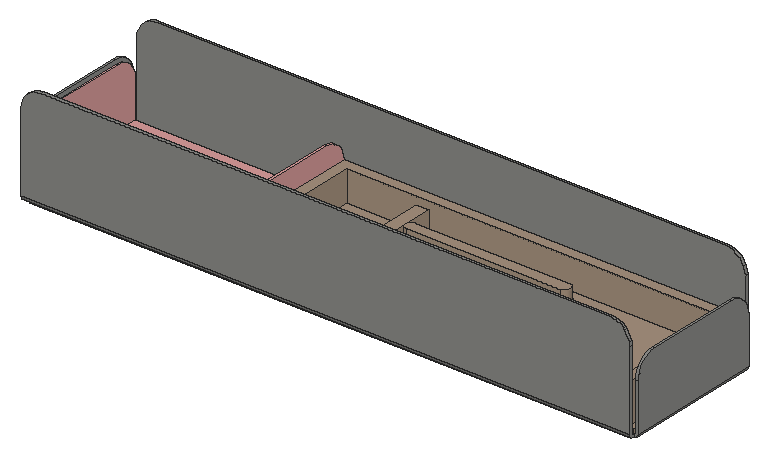
Revit family "Accessory-Teknion-EMOM-Organizers-R2016", category Furniture, Revit 2016
Family settings
  OmniClass Number = 23.40.20.00
  OmniClass Title = General Furniture and Specialties
  Work Plane-Based = Yes
  Always vertical = Yes
  Cut with Voids When Loaded = No
  Shared = Yes
  Room Calculation Point = No
Parameters (values of type "Small Tray Bundle")
  Width = 14.990"
  Warranty = "http://www.teknion.com/ca/papers/legal-canada"
  Unit Weight URL = "http://www.teknion.com/ca/tools/assets#&asset=bee6a381-b954-425e-8283-5a2de3a804f2,f828d448-4b62-4231-9e5f-9a8991c0ed77"
  URL = "www.teknion.com"
  Tray Finish [instance] = Paint - Teknion - Mica - Anthracite
  To render, please download texture images found here [instance] = "https://assets.teknion.com/web/5e81352c1dfdb467/revit-material-swatches/"
  Sustainability Data = "https://www.teknion.com/ca/tools/assets#&topic=216f99a5-57a0-44fc-b10a-9dee9b29ae4c&asset=444deb64-fe58-4b68-981e-f75e97781df7,b4ff2d81-9f2e-437d-9659-7cffb09c31cf"
  Small Tray Divider Offset = 0.000"
  Small Tray = yes
  Series = "Emote"
  ST = yes
  Product Page URL = "https://www.teknion.com/ca/products/product-details?productLineId=df54fb6e-8e7a-673b-a6c8-ff05004460c4"
  Product Line = "Emote"
  Product Documentation Link = "https://assets.teknion.com/m/e60fdd6154307a7/original/Emote-Sell-Sheet.pdf"
  Part Number = "EMOM"
  Model = "EMOMST"
  Mini Cabinet Tray = no
  Medium/Large Tray Height Offset = 0.039"
  Medium/Large Tray Divider = no
  Medium/Large Tray = no
  Medium Tray Feet = no
  Manufacturer Phone = "416-661-3370"  # constant formula
  Manufacturer Fax = "416.661.4586"  # constant formula
  Manufacturer Contact Information = "http://www.teknion.com/ca/contactus"
  Manufacturer Address = "1150 Flint Road, Toronto, ON. M3J 2J5. Canada"  # constant formula
  Manufacturer = "Teknion"  # constant formula
  MT = no
  M2 = no
  Large Tray Feet = no
  LT = no
  How To Use Teknion Materials User Guide [instance] = "https://assets.teknion.com/m/205dd0a49fa58060/original/How-to-add-a-Material-Library-and-Texture-Images-to-your-Revit-project.pdf"
  For Additional Finishes, please visit [instance] = "https://assets.teknion.com/m/44a8009b046e5d47/original/Teknion_Materials_Library.zip"
  Double Medium Tray = no
  Divider Finish [instance] = Paint - Teknion - CK - Chroma Metal - Blush
  Description = "Emote Organizers, Small Tray Bundle"
  Depth = 3.565"
  Default Elevation = 48.000"
  Cork Organizer Width Offset = 5.201"
  Cork Organizer Height Offset = 0.217"
  Cork Organizer = yes
  Cork Organizer Depth Offset = 0.125"
  CT = no
  CO = no
  Assembly Code = "E2020200"
Reference planes (in)
  plane 1 "Center Front/Back": y = 0
  plane 2: z = 0
  plane 3 "Center Left/Right": x = 0
  plane 4 "Left": x = -7.495
  plane 5 "Right": x = 7.495
  plane 6 "Back": y = 1.7825
  plane 7 "Front": y = -1.7825
  plane 8 "Top": z = 2.53937
  plane 9 "Cork Organizer Depth Offset": y = 1.6575
  plane 10 "Cork Organizer Width Offset": x = -2.294
  plane 11 "Cork Organizer Height Offset": z = 0.217
  plane 12: z = 0.29574
  plane 13: z = 0.49259
  plane 14: z = 1.029
  plane 15: z = 1.217
  plane 16: z = 1.516
  plane 17 "Small Tray Left": x = -7.435
  plane 18 "Small Tray Right": x = 7.435
  plane 19 "Small Tray Bottom": y = -1.7225
  plane 20 "Small Tray Top": y = 1.7225
  plane 21 "Small Tray Divider Offset": x = -7.435
  plane 22: y = 7
  plane 23: y = -7
  plane 24: x = -8
  plane 25: x = 8
  plane 26 "Medium/Large Tray Offset": z = 0.039
Forms (in)
  Sweep 1, solid, material "Wood - Teknion - Cork", visible <- "Cork Organizer"
    path origin (0, 0, 0) x (1, 0, 0) y (0, 0, 1)
      loop
        line (0, 0.217) -> (0, 0.29574)
    profile origin (0, 0, 0.25637) x (-1, 0, 0) y (0, -1, 0)
      loop
        line (-7.0732, -1.5325) -> (2.0312, -1.5325)
        arc (2.0312, -1.5325) -> (2.12864, -1.49214) -> (2.169, -1.3947) r 0.1378
        line (2.169, -1.3947) -> (2.169, 1.3947)
        arc (2.169, 1.3947) -> (2.12864, 1.49214) -> (2.0312, 1.5325) r 0.1378
        line (2.0312, 1.5325) -> (-7.0732, 1.5325)
        arc (-7.0732, 1.5325) -> (-7.17064, 1.49214) -> (-7.211, 1.3947) r 0.1378
        line (-7.211, 1.3947) -> (-7.211, -1.3947)
        arc (-7.211, -1.3947) -> (-7.17064, -1.49214) -> (-7.0732, -1.5325) r 0.1378
  SweptBlend 2, solid, material "Wood - Teknion - Cork", visible <- "Cork Organizer"
    path origin (0, 0, 0) x (1, 0, 0) y (0, 0, 1)
      loop
        line (0, 0.29574) -> (0, 1.217)
    profile origin (0, 0, 0.29574) x (-1, 0, 0) y (0, -1, 0)
      loop
        line (-7.336, -1.6575) -> (2.294, -1.6575) -> (2.294, 1.6575) -> (-7.336, 1.6575) -> (-7.336, -1.6575)
    end profile origin (0, 0, 1.217) x (-1, 0, 0) y (0, -1, 0)
      loop
        line (2.27792, -1.64142) -> (2.27792, 1.64142) -> (-7.31992, 1.64142) -> (-7.31992, -1.64142) -> (2.27792, -1.64142)
  SweptBlend 3, void
    path origin (0, 0, 0) x (1, 0, 0) y (0, 0, 1)
      loop
        line (0, 0.49259) -> (0, 1.217)
    profile origin (0, 0, 0.49259) x (-1, 0, 0) y (0, -1, 0)
      loop
        line (1.99311, -1.35661) -> (1.99311, 1.35661) -> (-7.03511, 1.35661) -> (-7.03511, -1.35661) -> (1.99311, -1.35661)
    end profile origin (0, 0, 1.217) x (-1, 0, 0) y (0, -1, 0)
      loop
        line (2.01841, -1.38191) -> (2.01841, 1.38191) -> (-7.06041, 1.38191) -> (-7.06041, -1.38191) -> (2.01841, -1.38191)
  SweptBlend 4, solid, material "Wood - Teknion - Cork", visible <- "Cork Organizer"
    path origin (0, 0, 0) x (1, 0, 0) y (0, 0, 1)
      loop
        line (0, 0.49259) -> (0, 1.029)
    profile origin (0, 0, 0.49259) x (-1, 0, 0) y (0, -1, 0)
      loop
        line (-2.18775, -0.17353) -> (0.00771, -0.17353) -> (0.00771, -1.35661) -> (0.3339, -1.35661) -> (0.3339, 1.35661) -> (0.00771, 1.35661) -> (0.00771, 0.17353) -> (-2.18775, 0.17353) -> (-2.18775, -0.17353)
    end profile origin (0, 0, 1.029) x (-1, 0, 0) y (0, -1, 0)
      loop
        line (0.31517, -1.37534) -> (0.31517, 1.38191) -> (0.02644, 1.38191) -> (0.02644, 0.1548) -> (-2.18775, 0.1548) -> (-2.18775, -0.1548) -> (0.02644, -0.1548) -> (0.02644, -1.37534) -> (0.31517, -1.37534)
  SweptBlend 5, solid, material "Wood - Teknion - Cork", visible <- "Cork Organizer"
    path origin (0, 0, 0) x (1, 0, 0) y (0, 0, 1)
      loop
        line (0, 0.49259) -> (0, 1.516)
    profile origin (0, 0, 0.49259) x (-1, 0, 0) y (0, -1, 0)
      loop
        arc (-0.6588, -0.17353) -> (-0.48526, 0) -> (-0.6588, 0.17353) r 0.17353
        line (-0.6588, 0.17353) -> (-4.3832, 0.17353)
        arc (-4.3832, 0.17353) -> (-4.55674, 0) -> (-4.3832, -0.17353) r 0.17353
        line (-4.3832, -0.17353) -> (-0.6588, -0.17353)
    end profile origin (0, 0, 1.516) x (-1, 0, 0) y (0, -1, 0)
      loop
        line (-4.3832, -0.1378) -> (-0.6588, -0.1378)
        arc (-0.6588, -0.1378) -> (-0.521, 0) -> (-0.6588, 0.1378) r 0.1378
        line (-0.6588, 0.1378) -> (-4.3832, 0.1378)
        arc (-4.3832, 0.1378) -> (-4.521, 0) -> (-4.3832, -0.1378) r 0.1378
  Sweep 6, solid, material "Paint - Teknion - Mica - Anthracite" <- "Tray Finish", visible <- "Small Tray"
    path origin (0, 0, 0) x (1, 0, 0) y (0, 1, 0)
      loop
        line (0, 1.69125) -> (0, -1.69125)
    profile origin (0, 0, 0) x (1, 0, 0) y (0, 0, 1)
      loop
        line (-7.435, 1.78937) -> (-7.495, 1.78937) -> (-7.495, 0.13062)
        arc (-7.495, 0.13062) -> (-7.46827, 0.0661) -> (-7.40375, 0.03937) r 0.09125
        line (-7.40375, 0.03937) -> (7.40375, 0.03937)
        arc (7.40375, 0.03937) -> (7.46827, 0.0661) -> (7.495, 0.13062) r 0.09125
        line (7.495, 0.13062) -> (7.495, 1.78937) -> (7.435, 1.78937) -> (7.435, 0.09937) -> (-7.435, 0.09937) -> (-7.435, 1.78937)
  Sweep 7, solid, material "Paint - Teknion - Mica - Anthracite" <- "Tray Finish", visible <- "Small Tray"
    path origin (0, 0, 0) x (1, 0, 0) y (0, 1, 0)
      loop
        line (-7.40375, 0) -> (7.40375, 0)
    profile origin (0, 0, 0) x (0, 1, 0) y (0, 0, 1)
      loop
        line (1.7825, 2.53937) -> (1.7225, 2.53937) -> (1.7225, 0.09937) -> (-1.7225, 0.09937) -> (-1.7225, 2.53937) -> (-1.7825, 2.53937) -> (-1.7825, 0.13062)
        arc (-1.7825, 0.13062) -> (-1.75577, 0.0661) -> (-1.69125, 0.03937) r 0.09125
        line (-1.69125, 0.03937) -> (1.69125, 0.03937)
        arc (1.69125, 0.03937) -> (1.75577, 0.0661) -> (1.7825, 0.13062) r 0.09125
        line (1.7825, 0.13062) -> (1.7825, 2.53937)
  Sweep 8, void
    path origin (0, 0, 0) x (1, 0, 0) y (0, 1, 0)
      loop
        line (0, 1.7825) -> (0, -1.7825)
    profile origin (0, 0, 0) x (1, 0, 0) y (0, 0, 1)
      loop
        arc (-7.37843, 2.03937) -> (-7.23198, 2.39292) -> (-6.87843, 2.53937) r 0.5
        line (-6.87843, 2.53937) -> (-7.495, 2.53937) -> (-7.495, 0) -> (-7.37843, 0) -> (-7.37843, 2.03937)
      loop
        line (7.37843, 2.03937) -> (7.37843, 0) -> (7.495, 0) -> (7.495, 2.53937) -> (6.87843, 2.53937)
        arc (6.87843, 2.53937) -> (7.23198, 2.39292) -> (7.37843, 2.03937) r 0.5
  Sweep 9, void
    path origin (0, 0, 0) x (1, 0, 0) y (0, 1, 0)
      loop
        line (-10, -1.7225) -> (10, -1.7225)
    profile origin (0, -1.7225, 0) x (0, 1, 0) y (0, 0, 1)
      loop
        line (3.38843, 0) -> (3.445, 0) -> (3.445, 2.03937) -> (0, 2.03937) -> (0, 0) -> (0.05657, 0) -> (0.05657, 1.28937)
        arc (0.05657, 1.28937) -> (0.20302, 1.64292) -> (0.55657, 1.78937) r 0.5
        line (0.55657, 1.78937) -> (2.88843, 1.78937)
        arc (2.88843, 1.78937) -> (3.24198, 1.64292) -> (3.38843, 1.28937) r 0.5
        line (3.38843, 1.28937) -> (3.38843, 0)
  Sweep 10, solid, material "Wood - Teknion - Cork", visible <- "Small Tray"
    path origin (0, 0, 0) x (1, 0, 0) y (0, 0, 1)
      loop
        line (0, 0.09937) -> (0, 0.217)
    profile origin (0, 0, 0.15819) x (-1, 0, 0) y (0, -1, 0)
      loop
        line (7.385, -1.675) -> (7.385, 1.675) -> (-7.385, 1.675) -> (-7.385, -1.675) -> (7.385, -1.675)
  Sweep 11, solid, material "Paint - Teknion - Mica - Anthracite" <- "Tray Finish", visible <- "Small Tray"
    path origin (0, 0, 0) x (1, 0, 0) y (0, 0, 1)
      loop
        line (0, 0) -> (0, 0.03937)
    profile origin (0, 0, 0.01969) x (-1, 0, 0) y (0, -1, 0)
      loop
        line (7.25, -1.69125) -> (7.25, -0.94125) -> (-7.25, -0.94125) -> (-7.25, -1.69125) -> (7.25, -1.69125)
      loop
        line (7.25, 0.94125) -> (7.25, 1.69125) -> (-7.25, 1.69125) -> (-7.25, 0.94125) -> (7.25, 0.94125)
  Sweep 12, solid, material "Paint - Teknion - CK - Chroma Metal - Blush" <- "Divider Finish", visible <- "Small Tray"
    path origin (0, 0, 0) x (1, 0, 0) y (0, 1, 0)
      loop
        line (-7.435, -1.6575) -> (-7.435, 1.6575)
    profile origin (-7.435, 0, 0) x (-1, 0, 0) y (0, 0, 1)
      loop
        line (0, 1.7032) -> (-0.0602, 1.7032) -> (-0.0602, 0.277) -> (-5.055, 0.277) -> (-5.055, 1.7032) -> (-5.115, 1.7032) -> (-5.115, 0.30825)
        arc (-5.115, 0.30825) -> (-5.08827, 0.24373) -> (-5.02375, 0.217) r 0.09125
        line (-5.02375, 0.217) -> (-0.09125, 0.217)
        arc (-0.09125, 0.217) -> (-0.02673, 0.24373) -> (0, 0.30825) r 0.09125
        line (0, 0.30825) -> (0, 1.7032)
  Sweep 13, solid, material "Paint - Teknion - Mica - Anthracite" <- "Tray Finish", visible <- "Mini Cabinet Tray"
    path origin (0, 0, 0) x (1, 0, 0) y (0, 1, 0)
      loop
        line (0, -3.06375) -> (0, 6.62875)
    profile origin (0, 1.7825, 0) x (-1, 0, 0) y (0, 0, 1)
      loop
        line (7.495, 1.78937) -> (7.435, 1.78937) -> (7.435, 0.09937) -> (-7.435, 0.09937) -> (-7.435, 1.78937) -> (-7.495, 1.78937) -> (-7.495, 0.13062)
        arc (-7.495, 0.13062) -> (-7.46827, 0.0661) -> (-7.40375, 0.03937) r 0.09125
        line (-7.40375, 0.03937) -> (7.40375, 0.03937)
        arc (7.40375, 0.03937) -> (7.46827, 0.0661) -> (7.495, 0.13062) r 0.09125
        line (7.495, 0.13062) -> (7.495, 1.78937)
  Sweep 14, solid, material "Paint - Teknion - Mica - Anthracite" <- "Tray Finish", visible <- "Mini Cabinet Tray"
    path origin (0, 0, 0) x (1, 0, 0) y (0, 1, 0)
      loop
        line (7.40375, 0) -> (-7.40375, 0)
    profile origin (0, 0, 0) x (0, -1, 0) y (0, 0, 1)
      loop
        line (3.155, 2.53937) -> (3.095, 2.53937) -> (3.095, 0.09937) -> (-6.66, 0.09937) -> (-6.66, 2.53937) -> (-6.72, 2.53937) -> (-6.72, 0.13062)
        arc (-6.72, 0.13062) -> (-6.69327, 0.0661) -> (-6.62875, 0.03937) r 0.09125
        line (-6.62875, 0.03937) -> (3.06375, 0.03937)
        arc (3.06375, 0.03937) -> (3.12827, 0.0661) -> (3.155, 0.13062) r 0.09125
        line (3.155, 0.13062) -> (3.155, 2.53937)
  Sweep 15, void
    path origin (0, 0, 0) x (1, 0, 0) y (0, 1, 0)
      loop
        line (0, -7) -> (0, 7)
    profile origin (0, 0, 0) x (-1, 0, 0) y (0, 0, 1)
      loop
        arc (6.87843, 2.53937) -> (7.23198, 2.39292) -> (7.37843, 2.03937) r 0.5
        line (7.37843, 2.03937) -> (7.37843, 0) -> (7.495, 0) -> (7.495, 3.21274) -> (-7.495, 3.21274) -> (-7.495, 0) -> (-7.37843, 0) -> (-7.37843, 2.03937)
        arc (-7.37843, 2.03937) -> (-7.23198, 2.39292) -> (-6.87843, 2.53937) r 0.5
        line (-6.87843, 2.53937) -> (6.87843, 2.53937)
  Sweep 16, void
    path origin (0, 0, 0) x (1, 0, 0) y (0, 1, 0)
      loop
        line (8, -1.7225) -> (-8, -1.7225)
    profile origin (0, -1.7225, 0) x (0, -1, 0) y (0, 0, 1)
      loop
        line (-2.88, 1.7032) -> (-0.565, 1.7032)
        arc (-0.565, 1.7032) -> (-0.21145, 1.55675) -> (-0.065, 1.2032) r 0.5
        line (-0.065, 1.2032) -> (-0.065, -0.00048) -> (0.185, -0.00048) -> (0.185, 2.49952) -> (-3.63, 2.49952) -> (-3.63, -0.00048) -> (-3.38, -0.00048) -> (-3.38, 1.2032)
        arc (-3.38, 1.2032) -> (-3.23355, 1.55675) -> (-2.88, 1.7032) r 0.5
  Sweep 17, void
    path origin (0, 0, 0) x (1, 0, 0) y (0, 1, 0)
      loop
        line (-8, 0) -> (8, 0)
    profile origin (0, 0, 0) x (0, 1, 0) y (0, 0, 1)
      loop
        arc (6.10343, 1.78937) -> (6.45698, 1.64292) -> (6.60343, 1.28937) r 0.5
        line (6.60343, 1.28937) -> (6.60343, 0) -> (6.85343, 0) -> (6.85343, 2) -> (-3.28843, 2) -> (-3.28843, 0) -> (-3.03843, 0) -> (-3.03843, 1.28937)
        arc (-3.03843, 1.28937) -> (-2.89198, 1.64292) -> (-2.53843, 1.78937) r 0.5
        line (-2.53843, 1.78937) -> (6.10343, 1.78937)
  Sweep 18, solid, material "Wood - Teknion - Cork", visible <- "Mini Cabinet Tray"
    path origin (0, 0, 0) x (1, 0, 0) y (0, 0, 1)
      loop
        line (0, 0.09937) -> (0, 0.217)
    profile origin (0, 0, 0.15819) x (-1, 0, 0) y (0, -1, 0)
      loop
        line (7.385, -6.6125) -> (7.385, 3.0475) -> (-7.385, 3.0475) -> (-7.385, -6.6125) -> (7.385, -6.6125)
  Sweep 19, solid, material "Paint - Teknion - CK - Chroma Metal - Blush" <- "Divider Finish", visible <- "Mini Cabinet Tray"
    path origin (0, 0, 0) x (1, 0, 0) y (0, 1, 0)
      loop
        line (0, -3.03255) -> (0, 6.59755)
    profile origin (0, 1.7825, 0) x (-1, 0, 0) y (0, 0, 1)
      loop
        arc (3.87, 0.30873) -> (3.89673, 0.24421) -> (3.96125, 0.21748) r 0.09125
        line (3.96125, 0.21748) -> (7.34375, 0.21748)
        arc (7.34375, 0.21748) -> (7.40827, 0.24421) -> (7.435, 0.30873) r 0.09125
        line (7.435, 0.30873) -> (7.435, 1.70368) -> (7.375, 1.70368) -> (7.375, 0.27748) -> (3.93, 0.27748) -> (3.93, 1.70368) -> (3.87, 1.70368) -> (3.87, 0.30873)
  Sweep 20, void
    path origin (0, 0, 0) x (1, 0, 0) y (0, 1, 0)
      loop
        line (-7.995, 0) -> (8.005, 0)
    profile origin (0.005, 0, 0) x (0, 1, 0) y (0, 0, 1)
      loop
        line (-2.53255, 1.70368) -> (6.09755, 1.70368)
        arc (6.09755, 1.70368) -> (6.4511, 1.55723) -> (6.59755, 1.20368) r 0.5
        line (6.59755, 1.20368) -> (6.59755, 0) -> (7, 0) -> (7, 2) -> (-3.43455, 2) -> (-3.43455, 0) -> (-3.03255, 0) -> (-3.03255, 1.20368)
        arc (-3.03255, 1.20368) -> (-2.8861, 1.55723) -> (-2.53255, 1.70368) r 0.5
  Sweep 21, solid, material "Paint - Teknion - Mica - Anthracite" <- "Tray Finish", visible <- "Mini Cabinet Tray"
    path origin (0, 0, 0) x (1, 0, 0) y (0, 0, 1)
      loop
        line (0, 0) -> (0, 0.03937)
    profile origin (0, 0, 0.01969) x (-1, 0, 0) y (0, -1, 0)
      loop
        line (7.25, -6.62875) -> (7.25, -5.87875) -> (-7.25, -5.87875) -> (-7.25, -6.62875) -> (7.25, -6.62875)
      loop
        line (7.25, 2.31375) -> (7.25, 3.06375) -> (-7.25, 3.06375) -> (-7.25, 2.31375) -> (7.25, 2.31375)
  Sweep 22, solid, material "Paint - Teknion - Mica - Anthracite" <- "Tray Finish", visible <- "Medium/Large Tray"
    path origin (0, 0, 0) x (1, 0, 0) y (0, 1, 0)
      loop
        line (0, 1.7225) -> (0, -1.69125)
    profile origin (0, 0.01562, 0) x (1, 0, 0) y (0, 0, 1)
      loop
        line (-7.495, 2.53937) -> (-7.495, 0.13062)
        arc (-7.495, 0.13062) -> (-7.46827, 0.0661) -> (-7.40375, 0.03937) r 0.09125
        line (-7.40375, 0.03937) -> (2.28875, 0.03937)
        arc (2.28875, 0.03937) -> (2.35327, 0.0661) -> (2.38, 0.13062) r 0.09125
        line (2.38, 0.13062) -> (2.38, 2.53937) -> (2.32, 2.53937) -> (2.32, 0.09937) -> (-7.435, 0.09937) -> (-7.435, 2.53937) -> (-7.495, 2.53937)
  Sweep 23, void
    path origin (0, 0, 0.039) x (-1, 0, 0) y (0, -1, 0)
      loop
        line (7.9325, 0) -> (-2.8175, 0)
    profile origin (-2.5575, 0, 0.039) x (0, 1, 0) y (0, 0, 1)
      loop
        arc (1.16593, 2.50037) -> (1.51948, 2.35392) -> (1.66593, 2.00037) r 0.5
        line (1.66593, 2.00037) -> (1.66593, -0.039) -> (1.7825, -0.039) -> (1.7825, 2.961) -> (-1.7825, 2.961) -> (-1.7825, -0.039) -> (-1.66593, -0.039) -> (-1.66593, 2.00037)
        arc (-1.66593, 2.00037) -> (-1.51948, 2.35392) -> (-1.16593, 2.50037) r 0.5
        line (-1.16593, 2.50037) -> (1.16593, 2.50037)
  Sweep 24, solid, material "Paint - Teknion - Mica - Anthracite" <- "Tray Finish", visible <- "Medium/Large Tray"
    path origin (0, 0, 0.039) x (-1, 0, 0) y (0, -1, 0)
      loop
        line (7.40375, 0) -> (-2.28875, 0)
    profile origin (-2.5575, 0, 0.039) x (0, 1, 0) y (0, 0, 1)
      loop
        line (-1.7825, 1.75037) -> (-1.7825, 0.09162)
        arc (-1.7825, 0.09162) -> (-1.75577, 0.0271) -> (-1.69125, 0.00037) r 0.09125
        line (-1.69125, 0.00037) -> (1.69125, 0.00037)
        arc (1.69125, 0.00037) -> (1.75577, 0.0271) -> (1.7825, 0.09162) r 0.09125
        line (1.7825, 0.09162) -> (1.7825, 1.75037) -> (1.7225, 1.75037) -> (1.7225, 0.06037) -> (-1.7225, 0.06037) -> (-1.7225, 1.75037) -> (-1.7825, 1.75037)
  Sweep 25, void
    path origin (0, 0, 0.039) x (-1, 0, 0) y (0, -1, 0)
      loop
        line (0, -1.7825) -> (0, 1.7825)
    profile origin (0, 0, 0.039) x (1, 0, 0) y (0, 0, 1)
      loop
        line (-6.87843, 1.75037) -> (1.76343, 1.75037)
        arc (1.76343, 1.75037) -> (2.11698, 1.60392) -> (2.26343, 1.25037) r 0.5
        line (2.26343, 1.25037) -> (2.26343, -0.03125) -> (2.38, -0.03125) -> (2.38, 2.50037) -> (-7.495, 2.50037) -> (-7.495, -0.03125) -> (-7.37843, -0.03125) -> (-7.37843, 1.25037)
        arc (-7.37843, 1.25037) -> (-7.23198, 1.60392) -> (-6.87843, 1.75037) r 0.5
  Sweep 26, solid, material "Wood - Teknion - Cork", visible <- "Medium/Large Tray"
    path origin (0, 0, 0) x (1, 0, 0) y (0, 0, 1)
      loop
        line (0, 0.09937) -> (0, 0.217)
    profile origin (0, 0, 0.15819) x (-1, 0, 0) y (0, -1, 0)
      loop
        line (7.3875, -1.6725) -> (7.3875, 1.6725) -> (-2.2725, 1.6725) -> (-2.2725, -1.6725) -> (7.3875, -1.6725)
  Sweep 27, solid, material "Paint - Teknion - CK - Chroma Metal - Blush" <- "Divider Finish", visible <- "Medium/Large Tray Divider"
    path origin (0, 0, 0.039) x (-1, 0, 0) y (0, -1, 0)
      loop
        line (7.37255, -1.7825) -> (-2.25755, -1.7825)
    profile origin (-2.5575, 1.7825, 0.039) x (0, 1, 0) y (0, 0, 1)
      loop
        line (-0.06, 1.6642) -> (-0.12, 1.6642) -> (-0.12, 0.238) -> (-3.565, 0.238) -> (-3.565, 1.6642) -> (-3.625, 1.6642) -> (-3.625, 0.26925)
        arc (-3.625, 0.26925) -> (-3.59827, 0.20473) -> (-3.53375, 0.178) r 0.09125
        line (-3.53375, 0.178) -> (-0.15125, 0.178)
        arc (-0.15125, 0.178) -> (-0.08673, 0.20473) -> (-0.06, 0.26925) r 0.09125
        line (-0.06, 0.26925) -> (-0.06, 1.6642)
  Sweep 28, void
    path origin (0, 0, 0.039) x (-1, 0, 0) y (0, -1, 0)
      loop
        line (7.495, 1.7825) -> (7.495, -1.7825)
    profile origin (-7.495, 0, 0.039) x (-1, 0, 0) y (0, 0, 1)
      loop
        arc (-0.62245, 1.6642) -> (-0.2689, 1.51775) -> (-0.12245, 1.1642) r 0.5
        line (-0.12245, 1.1642) -> (-0.12245, -0.039) -> (0, -0.039) -> (0, 1.961) -> (-9.875, 1.961) -> (-9.875, -0.039) -> (-9.75255, -0.039) -> (-9.75255, 1.1642)
        arc (-9.75255, 1.1642) -> (-9.6061, 1.51775) -> (-9.25255, 1.6642) r 0.5
        line (-9.25255, 1.6642) -> (-0.62245, 1.6642)
  Sweep 29, solid, material "Paint - Teknion - Mica - Anthracite" <- "Tray Finish", visible <- "Medium Tray Feet"
    path origin (0, 0, 0) x (1, 0, 0) y (0, 0, 1)
      loop
        line (0, 0) -> (0, 0.03937)
    profile origin (0, 0, 0.01969) x (-1, 0, 0) y (0, -1, 0)
      loop
        line (7.40375, -1.5375) -> (7.40375, 1.5375) -> (6.65375, 1.5375) -> (6.65375, -1.5375) -> (7.40375, -1.5375)
      loop
        line (-1.53875, -1.5375) -> (-1.53875, 1.5375) -> (-2.28875, 1.5375) -> (-2.28875, -1.5375) -> (-1.53875, -1.5375)
  Sweep 30, solid, material "Paint - Teknion - Mica - Anthracite" <- "Tray Finish", visible <- "Large Tray Feet"
    path origin (0, 0, 0) x (1, 0, 0) y (0, 0, 1)
      loop
        line (0, 0) -> (0, 0.031)
    profile origin (0, 0, 0.0155) x (-1, 0, 0) y (0, -1, 0)
      loop
        line (2.98474, -9.45276) -> (2.98474, -10.54724)
        arc (2.98474, -10.54724) -> (3.4375, -11) -> (3.89026, -10.54724) r 0.45276
        line (3.89026, -10.54724) -> (3.89026, -9.45276)
        arc (3.89026, -9.45276) -> (3.4375, -9) -> (2.98474, -9.45276) r 0.45276
      loop
        line (-2.98474, -10.54724) -> (-2.98474, -9.45276)
        arc (-2.98474, -9.45276) -> (-3.4375, -9) -> (-3.89026, -9.45276) r 0.45276
        line (-3.89026, -9.45276) -> (-3.89026, -10.54724)
        arc (-3.89026, -10.54724) -> (-3.4375, -11) -> (-2.98474, -10.54724) r 0.45276
      loop
        line (2.98474, 10.54724) -> (2.98474, 9.45276)
        arc (2.98474, 9.45276) -> (3.4375, 9) -> (3.89026, 9.45276) r 0.45276
        line (3.89026, 9.45276) -> (3.89026, 10.54724)
        arc (3.89026, 10.54724) -> (3.4375, 11) -> (2.98474, 10.54724) r 0.45276
      loop
        line (-2.98474, 9.45276) -> (-2.98474, 10.54724)
        arc (-2.98474, 10.54724) -> (-3.4375, 11) -> (-3.89026, 10.54724) r 0.45276
        line (-3.89026, 10.54724) -> (-3.89026, 9.45276)
        arc (-3.89026, 9.45276) -> (-3.4375, 9) -> (-2.98474, 9.45276) r 0.45276
  Sweep 31, solid, material "Paint - Teknion - Mica - Anthracite" <- "Tray Finish", visible <- "Double Medium Tray"
    path origin (0, 0, 0) x (1, 0, 0) y (0, 1, 0)
      loop
        line (0, -7.495) -> (0, 7.495)
    profile origin (0, 0, 0) x (-1, 0, 0) y (0, 0, 1)
      loop
        line (-0.5, 2.53937) -> (-0.56, 2.53937) -> (-0.56, 0.09937) -> (-10.315, 0.09937) -> (-10.315, 2.53937) -> (-10.375, 2.53937) -> (-10.375, 0.13062)
        arc (-10.375, 0.13062) -> (-10.34827, 0.0661) -> (-10.28375, 0.03937) r 0.09125
        line (-10.28375, 0.03937) -> (-0.59125, 0.03937)
        arc (-0.59125, 0.03937) -> (-0.52673, 0.0661) -> (-0.5, 0.13062) r 0.09125
        line (-0.5, 0.13062) -> (-0.5, 2.53937)
  Sweep 32, solid, material "Paint - Teknion - Mica - Anthracite" <- "Tray Finish", visible <- "Double Medium Tray"
    path origin (0, 0, 0) x (1, 0, 0) y (0, 1, 0)
      loop
        line (0.59125, 0) -> (10.28375, 0)
    profile origin (5.4375, 0, 0) x (0, 1, 0) y (0, 0, 1)
      loop
        line (7.495, 1.78937) -> (7.435, 1.78937) -> (7.435, 0.09937) -> (-7.435, 0.09937) -> (-7.435, 1.78937) -> (-7.495, 1.78937) -> (-7.495, 0.13062)
        arc (-7.495, 0.13062) -> (-7.46827, 0.0661) -> (-7.40375, 0.03937) r 0.09125
        line (-7.40375, 0.03937) -> (7.40375, 0.03937)
        arc (7.40375, 0.03937) -> (7.46827, 0.0661) -> (7.495, 0.13062) r 0.09125
        line (7.495, 0.13062) -> (7.495, 1.78937)
  Sweep 33, solid, material "Wood - Teknion - Cork", visible <- "Double Medium Tray"
    path origin (0, 0, 0) x (1, 0, 0) y (0, 0, 1)
      loop
        line (0, 0.09937) -> (0, 0.217)
    profile origin (0, 0, 0.15819) x (-1, 0, 0) y (0, -1, 0)
      loop
        line (-0.6075, -7.385) -> (-0.6075, 7.385) -> (-10.2675, 7.385) -> (-10.2675, -7.385) -> (-0.6075, -7.385)
  Sweep 34, solid, material "Paint - Teknion - Mica - Anthracite" <- "Tray Finish", visible <- "Double Medium Tray"
    path origin (0, 0, 0) x (1, 0, 0) y (0, 0, 1)
      loop
        line (0, 0) -> (0, 0.03937)
    profile origin (0, 0, 0.01969) x (-1, 0, 0) y (0, -1, 0)
      loop
        line (-0.59125, -7.25) -> (-0.59125, 7.25) -> (-1.34125, 7.25) -> (-1.34125, -7.25) -> (-0.59125, -7.25)
      loop
        line (-9.53375, -7.25) -> (-9.53375, 7.25) -> (-10.28375, 7.25) -> (-10.28375, -7.25) -> (-9.53375, -7.25)
  Sweep 35, void
    path origin (0, 0, 0) x (1, 0, 0) y (0, 1, 0)
      loop
        line (0, 8) -> (0, -8)
    profile origin (0, 0, 0) x (1, 0, 0) y (0, 0, 1)
      loop
        line (1.11657, 1.78937) -> (9.75843, 1.78937)
        arc (9.75843, 1.78937) -> (10.11198, 1.64292) -> (10.25843, 1.28937) r 0.5
        line (10.25843, 1.28937) -> (10.25843, 0) -> (10.50843, 0) -> (10.50843, 2) -> (0.36657, 2) -> (0.36657, 0) -> (0.61657, 0) -> (0.61657, 1.28937)
        arc (0.61657, 1.28937) -> (0.76302, 1.64292) -> (1.11657, 1.78937) r 0.5
  Sweep 36, void
    path origin (0, 0, 0) x (1, 0, 0) y (0, 1, 0)
      loop
        line (0, 0) -> (10.75, 0)
    profile origin (5.375, 0, 0) x (0, 1, 0) y (0, 0, 1)
      loop
        arc (6.87843, 2.53937) -> (7.23198, 2.39292) -> (7.37843, 2.03937) r 0.5
        line (7.37843, 2.03937) -> (7.37843, 0) -> (7.62843, 0) -> (7.62843, 3) -> (-7.62843, 3) -> (-7.62843, 0) -> (-7.37843, 0) -> (-7.37843, 2.03937)
        arc (-7.37843, 2.03937) -> (-7.23198, 2.39292) -> (-6.87843, 2.53937) r 0.5
        line (-6.87843, 2.53937) -> (6.87843, 2.53937)
Cuts and joins
  SweptBlend 3 cuts SweptBlend 2
  joined: Sweep 1, SweptBlend 2, SweptBlend 4, SweptBlend 5
  Sweep 9 cuts Sweep 6
  Sweep 8 cuts Sweep 7
  joined: Sweep 6, Sweep 7
  Sweep 17 cuts Sweep 13
  Sweep 15 cuts Sweep 14
  joined: Sweep 13, Sweep 14
  Sweep 16 cuts Sweep 12
  Sweep 20 cuts Sweep 19
  Sweep 23 cuts Sweep 22
  Sweep 25 cuts Sweep 24
  joined: Sweep 22, Sweep 24
  Sweep 28 cuts Sweep 27
  Sweep 35 cuts Sweep 32
  Sweep 36 cuts Sweep 31
Lines and regions (in)
  Masking region 1, visible <- "Cork Organizer"
    outline origin (0, 0, 0) x (1, 0, 0) y (0, 1, 0)
      loop
        line (-2.294, -1.6575) -> (7.336, -1.6575) -> (7.336, 1.6575) -> (-2.294, 1.6575) -> (-2.294, -1.6575)
      loop
        line (-2.01841, 1.38191) -> (-2.01841, -1.38191) -> (7.06041, -1.38191) -> (7.06041, 1.38191) -> (-2.01841, 1.38191)
  Masking region 2, visible <- "Cork Organizer"
    outline origin (0, 0, 0) x (1, 0, 0) y (0, 1, 0)
      loop
        line (-0.3339, 1.35661) -> (-0.3086, 1.38191) -> (-2.01841, 1.38191) -> (-1.99311, 1.35661) -> (-0.3339, 1.35661)
      loop
        line (-2.01841, -1.38191) -> (-0.3086, -1.38191) -> (-0.3339, -1.35661) -> (-1.99311, -1.35661) -> (-2.01841, -1.38191)
      loop
        line (-0.00771, -1.35661) -> (-0.03301, -1.38191) -> (7.06041, -1.38191) -> (7.03511, -1.35661) -> (-0.00771, -1.35661)
      loop
        line (-0.00771, 1.35661) -> (7.03511, 1.35661) -> (7.06041, 1.38191) -> (-0.03301, 1.38191) -> (-0.00771, 1.35661)
  Masking region 3, visible <- "Cork Organizer"
    outline origin (0, 0, 0) x (1, 0, 0) y (0, 1, 0)
      loop
        line (-1.99311, 1.35661) -> (-2.01841, 1.38191) -> (-2.01841, -1.38191) -> (-1.99311, -1.35661) -> (-1.99311, 1.35661)
      loop
        line (-0.3339, 1.35661) -> (-0.3339, -1.35661) -> (-0.3086, -1.38191) -> (-0.3086, 1.38191) -> (-0.3339, 1.35661)
      loop
        line (-0.00771, 1.35661) -> (-0.03301, 1.38191) -> (-0.03301, 0.14824) -> (-0.00771, 0.17353) -> (-0.00771, 1.35661)
      loop
        line (-0.00771, -1.35661) -> (-0.00771, -0.17353) -> (-0.03301, -0.14824) -> (-0.03301, -1.38191) -> (-0.00771, -1.35661)
      loop
        line (7.06041, 1.38191) -> (7.03511, 1.35661) -> (7.03511, -1.35661) -> (7.06041, -1.38191) -> (7.06041, 1.38191)
  Masking region 4, visible <- "Cork Organizer"
    outline origin (0, 0, 0) x (1, 0, 0) y (0, 1, 0)
      loop
        line (-1.99311, 1.35661) -> (-1.99311, -1.35661) -> (-0.3339, -1.35661) -> (-0.3339, 1.35661) -> (-1.99311, 1.35661)
  Masking region 5, visible <- "Cork Organizer"
    outline origin (0, 0, 0) x (1, 0, 0) y (0, 1, 0)
      loop
        line (-0.00771, 1.35661) -> (-0.00771, 0.17353) -> (4.3832, 0.17353)
        arc (4.3832, 0.17353) -> (4.55674, 0) -> (4.3832, -0.17353) r 0.17353
        line (4.3832, -0.17353) -> (-0.00771, -0.17353) -> (-0.00771, -1.35661) -> (7.03511, -1.35661) -> (7.03511, 1.35661) -> (-0.00771, 1.35661)
  Masking region 6, visible <- "Cork Organizer"
    outline origin (0, 0, 0) x (1, 0, 0) y (0, 1, 0)
      loop
        line (4.3832, 0.1378) -> (0.6588, 0.1378)
        arc (0.6588, 0.1378) -> (0.521, 0) -> (0.6588, -0.1378) r 0.1378
        line (0.6588, -0.1378) -> (4.3832, -0.1378)
        arc (4.3832, -0.1378) -> (4.521, 0) -> (4.3832, 0.1378) r 0.1378
  Masking region 7, visible <- "Cork Organizer"
    outline origin (0, 0, 0) x (1, 0, 0) y (0, 1, 0)
      loop
        line (-0.00771, -0.17353) -> (4.3832, -0.17353)
        arc (4.3832, -0.17353) -> (4.55674, 0) -> (4.3832, 0.17353) r 0.17353
        line (4.3832, 0.17353) -> (-0.00771, 0.17353) -> (-0.03301, 0.14824) -> (0.6588, 0.14824) -> (0.69393, 0.1378) -> (4.3832, 0.1378)
        arc (4.3832, 0.1378) -> (4.521, 0) -> (4.3832, -0.1378) r 0.1378
        line (4.3832, -0.1378) -> (0.69393, -0.1378) -> (0.6588, -0.14824) -> (-0.03301, -0.14824) -> (-0.00771, -0.17353)
  Masking region 8, visible <- "Cork Organizer"
    outline origin (0, 0, 0) x (1, 0, 0) y (0, 1, 0)
      loop
        line (0.69393, -0.1378) -> (0.6588, -0.1378)
        arc (0.6588, -0.1378) -> (0.521, 0) -> (0.6588, 0.1378) r 0.1378
        line (0.6588, 0.1378) -> (0.69393, 0.1378) -> (0.6588, 0.14824) -> (0.61419, 0.14824)
        arc (0.61419, 0.14824) -> (0.50399, 0) -> (0.61419, -0.14824) r 0.1548
        line (0.61419, -0.14824) -> (0.6588, -0.14824) -> (0.69393, -0.1378)
  Masking region 9, visible <- "Cork Organizer"
    outline origin (0, 0, 0) x (1, 0, 0) y (0, 1, 0)
      loop
        line (-0.3086, -1.38191) -> (-0.03301, -1.38191) -> (-0.03301, -0.14824) -> (0.61419, -0.14824)
        arc (0.61419, -0.14824) -> (0.50399, 0) -> (0.61419, 0.14824) r 0.1548
        line (0.61419, 0.14824) -> (-0.03301, 0.14824) -> (-0.03301, 1.38191) -> (-0.3086, 1.38191) -> (-0.3086, -1.38191)
  Masking region 10, visible <- "Small Tray"
    outline origin (0, 0, 0) x (1, 0, 0) y (0, 1, 0)
      loop
        line (-7.435, 1.6575) -> (-7.435, -1.6575) -> (-7.3748, -1.6575) -> (-7.3748, 1.6575) -> (-7.435, 1.6575)
      loop
        line (-2.38, 1.6575) -> (-2.38, -1.6575) -> (-2.32, -1.6575) -> (-2.32, 1.6575) -> (-2.38, 1.6575)
  Masking region 11, visible <- "Small Tray"
    outline origin (0, 0, 0) x (1, 0, 0) y (0, 1, 0)
      loop
        line (-7.3748, 1.6575) -> (-7.3748, -1.6575) -> (-2.38, -1.6575) -> (-2.38, 1.6575) -> (-7.3748, 1.6575)
  Masking region 12, visible <- "M2"
    outline origin (0, 0, 0) x (1, 0, 0) y (0, 1, 0)
      loop
        line (0.6075, 7.385) -> (0.6075, -7.385) -> (10.2675, -7.385) -> (10.2675, 7.385) -> (0.6075, 7.385)
      loop
        line (-0.6075, 7.385) -> (-10.2675, 7.385) -> (-10.2675, -7.385) -> (-0.6075, -7.385) -> (-0.6075, 7.385)
      loop
        line (0.61657, 7.495) -> (0.61657, 7.435) -> (10.25843, 7.435) -> (10.25843, 7.495) -> (0.61657, 7.495)
      loop
        line (0.5, 7.37843) -> (0.5, -7.37843) -> (0.56, -7.37843) -> (0.56, 7.37843) -> (0.5, 7.37843)
      loop
        line (-0.61657, 7.495) -> (-10.25843, 7.495) -> (-10.25843, 7.435) -> (-0.61657, 7.435) -> (-0.61657, 7.495)
      loop
        line (-0.5, 7.37843) -> (-0.56, 7.37843) -> (-0.56, -7.37843) -> (-0.5, -7.37843) -> (-0.5, 7.37843)
      loop
        line (10.315, 7.37843) -> (10.315, -7.37843) -> (10.375, -7.37843) -> (10.375, 7.37843) -> (10.315, 7.37843)
      loop
        line (10.25843, -7.435) -> (0.61657, -7.435) -> (0.61657, -7.495) -> (10.25843, -7.495) -> (10.25843, -7.435)
      loop
        line (-10.315, 7.37843) -> (-10.375, 7.37843) -> (-10.375, -7.37843) -> (-10.315, -7.37843) -> (-10.315, 7.37843)
      loop
        line (-10.25843, -7.435) -> (-10.25843, -7.495) -> (-0.61657, -7.495) -> (-0.61657, -7.435) -> (-10.25843, -7.435)
  Masking region 13, visible <- "M2"
    outline origin (0, 0, 0) x (1, 0, 0) y (0, 1, 0)
      loop
        line (-10.25843, 7.435) -> (-10.25843, 7.385) -> (-0.61657, 7.385) -> (-0.61657, 7.435) -> (-10.25843, 7.435)
      loop
        line (-10.315, 7.37843) -> (-10.315, -7.37843) -> (-10.2675, -7.37843) -> (-10.2675, 7.37843) -> (-10.315, 7.37843)
      loop
        line (-10.25843, -7.435) -> (-0.61657, -7.435) -> (-0.61657, -7.385) -> (-10.25843, -7.385) -> (-10.25843, -7.435)
      loop
        line (-0.56, 7.37843) -> (-0.6075, 7.37843) -> (-0.6075, -7.37843) -> (-0.56, -7.37843) -> (-0.56, 7.37843)
      loop
        line (10.25843, 7.435) -> (0.61657, 7.435) -> (0.61657, 7.385) -> (10.25843, 7.385) -> (10.25843, 7.435)
      loop
        line (10.315, 7.37843) -> (10.2675, 7.37843) -> (10.2675, -7.37843) -> (10.315, -7.37843) -> (10.315, 7.37843)
      loop
        line (10.25843, -7.435) -> (10.25843, -7.385) -> (0.61657, -7.385) -> (0.61657, -7.435) -> (10.25843, -7.435)
      loop
        line (0.56, 7.37843) -> (0.56, -7.37843) -> (0.6075, -7.37843) -> (0.6075, 7.37843) -> (0.56, 7.37843)
  Masking region 14, visible <- "ST"
    outline origin (-196.53671, -2.49723, 0) x (1, 0, 0) y (0, 1, 0)
      loop
        line (189.15828, 4.27973) -> (189.15828, 4.21973) -> (203.91514, 4.21973) -> (203.91514, 4.27973) -> (189.15828, 4.27973)
      loop
        line (203.97171, 4.16316) -> (203.97171, 0.8313) -> (204.03171, 0.8313) -> (204.03171, 4.16316) -> (203.97171, 4.16316)
      loop
        line (203.91514, 0.77473) -> (189.15828, 0.77473) -> (189.15828, 0.71473) -> (203.91514, 0.71473) -> (203.91514, 0.77473)
      loop
        line (189.04171, 0.8313) -> (189.10171, 0.8313) -> (189.10171, 4.16316) -> (189.04171, 4.16316) -> (189.04171, 0.8313)
  Masking region 15, visible <- "ST"
    outline origin (-196.53671, -2.49723, 0) x (1, 0, 0) y (0, 1, 0)
      loop
        line (203.92171, 4.17223) -> (194.21671, 4.17223) -> (194.21671, 0.82223) -> (203.92171, 0.82223) -> (203.92171, 4.17223)
      loop
        line (194.24271, 4.15473) -> (194.24271, 0.83973) -> (203.87271, 0.83973) -> (203.87271, 4.15473) -> (194.24271, 4.15473)
  Masking region 16, visible <- "ST"
    outline origin (-196.53671, -2.49723, 0) x (1, 0, 0) y (0, 1, 0)
      loop
        line (189.15828, 4.21973) -> (189.15828, 4.17223) -> (203.91514, 4.17223) -> (203.91514, 4.21973) -> (189.15828, 4.21973)
      loop
        line (203.92171, 4.16316) -> (203.92171, 0.8313) -> (203.97171, 0.8313) -> (203.97171, 4.16316) -> (203.92171, 4.16316)
      loop
        line (203.91514, 0.82223) -> (189.15828, 0.82223) -> (189.15828, 0.77473) -> (203.91514, 0.77473) -> (203.91514, 0.82223)
  Masking region 17, visible <- "CT"
    outline origin (-196.53671, -2.49723, 0) x (1, 0, 0) y (0, 1, 0)
      loop
        line (189.15828, 9.21723) -> (189.15828, 9.15723) -> (203.91514, 9.15723) -> (203.91514, 9.21723) -> (189.15828, 9.21723)
      loop
        line (189.04171, 9.10066) -> (189.04171, -0.5412) -> (189.10171, -0.5412) -> (189.10171, 9.10066) -> (189.04171, 9.10066)
      loop
        line (189.15828, -0.59777) -> (189.15828, -0.65777) -> (203.91514, -0.65777) -> (203.91514, -0.59777) -> (189.15828, -0.59777)
      loop
        line (203.97171, -0.5412) -> (204.03171, -0.5412) -> (204.03171, 9.10066) -> (203.97171, 9.10066) -> (203.97171, -0.5412)
      loop
        line (189.04171, -0.77434) -> (189.04171, -4.1062) -> (189.10171, -4.1062) -> (189.10171, -0.77434) -> (189.04171, -0.77434)
      loop
        line (189.15828, -4.16277) -> (189.15828, -4.22277) -> (203.91514, -4.22277) -> (203.91514, -4.16277) -> (189.15828, -4.16277)
      loop
        line (203.97171, -4.1062) -> (204.03171, -4.1062) -> (204.03171, -0.77434) -> (203.97171, -0.77434) -> (203.97171, -4.1062)
      loop
        line (189.15171, -0.76527) -> (189.15171, -4.11527) -> (198.85671, -4.11527) -> (198.85671, -0.76527) -> (189.15171, -0.76527)
      loop
        line (198.83271, -4.09777) -> (198.83271, -0.78277) -> (189.20271, -0.78277) -> (189.20271, -4.09777) -> (198.83271, -4.09777)
  Masking region 18, visible <- "CT"
    outline origin (-196.53671, -2.49723, 0) x (1, 0, 0) y (0, 1, 0)
      loop
        line (189.10171, -0.77434) -> (189.10171, -4.10512) -> (189.15171, -4.10512) -> (189.15171, -0.77434) -> (189.10171, -0.77434)
      loop
        line (189.15828, -4.11527) -> (189.15828, -4.16277) -> (203.91514, -4.16277) -> (203.91514, -4.11527) -> (189.15828, -4.11527)
      loop
        line (189.15828, -0.71777) -> (189.15828, -0.76527) -> (203.91514, -0.76527) -> (203.91514, -0.71777) -> (189.15828, -0.71777)
      loop
        line (203.91514, -0.55027) -> (189.15828, -0.55027) -> (189.15828, -0.59777) -> (203.91514, -0.59777) -> (203.91514, -0.55027)
      loop
        line (203.91514, 9.15723) -> (189.15828, 9.15723) -> (189.15828, 9.10973) -> (203.91514, 9.10973) -> (203.91514, 9.15723)
      loop
        line (203.92171, 9.10066) -> (203.92171, -0.5412) -> (203.97171, -0.5412) -> (203.97171, 9.10066) -> (203.92171, 9.10066)
      loop
        line (189.10171, 9.09478) -> (189.10171, -0.53532) -> (189.16171, -0.53532) -> (189.16171, 9.09478) -> (189.10171, 9.09478)
      loop
        line (192.60671, -0.53532) -> (192.66671, -0.53532) -> (192.66671, 9.09478) -> (192.60671, 9.09478) -> (192.60671, -0.53532)
  Masking region 19, visible <- "CT"
    outline origin (-196.53671, -2.49723, 0) x (1, 0, 0) y (0, 1, 0)
      loop
        line (189.16171, 9.09478) -> (189.16171, -0.53532) -> (192.60671, -0.53532) -> (192.60671, 9.09478) -> (189.16171, 9.09478)
      loop
        line (192.66671, 9.10973) -> (192.66671, -0.55027) -> (203.92171, -0.55027) -> (203.92171, 9.10973) -> (192.66671, 9.10973)
      loop
        line (189.15828, -0.65777) -> (189.15828, -0.71777) -> (203.91514, -0.71777) -> (203.91514, -0.65777) -> (189.15828, -0.65777)
  Masking region 20, visible <- "MT"
    outline origin (-196.53671, -2.49723, 0) x (1, 0, 0) y (0, 1, 0)
      loop
        line (191.71578, 9.99223) -> (191.71578, 9.93223) -> (201.35764, 9.93223) -> (201.35764, 9.99223) -> (191.71578, 9.99223)
      loop
        line (191.59921, 9.87566) -> (191.59921, -4.8812) -> (191.65921, -4.8812) -> (191.65921, 9.87566) -> (191.59921, 9.87566)
      loop
        line (191.71578, -4.93777) -> (191.71578, -4.99777) -> (201.35764, -4.99777) -> (201.35764, -4.93777) -> (191.71578, -4.93777)
      loop
        line (201.41421, -4.8812) -> (201.47421, -4.8812) -> (201.47421, 9.87566) -> (201.41421, 9.87566) -> (201.41421, -4.8812)
      loop
        line (191.70671, 6.36723) -> (191.70671, -4.88777) -> (201.36671, -4.88777) -> (201.36671, 6.36723) -> (191.70671, 6.36723)
      loop
        line (191.72166, 9.87223) -> (191.72166, 9.80723) -> (201.35176, 9.80723) -> (201.35176, 9.87223) -> (191.72166, 9.87223)
      loop
        line (191.72166, 6.49223) -> (191.72166, 6.42723) -> (201.35176, 6.42723) -> (201.35176, 6.49223) -> (191.72166, 6.49223)
  Masking region 21, visible <- "MT"
    outline origin (-196.53671, -2.49723, 0) x (1, 0, 0) y (0, 1, 0)
      loop
        line (191.65921, -4.8812) -> (191.70671, -4.8812) -> (191.70671, 9.87566) -> (191.65921, 9.87566) -> (191.65921, -4.8812)
      loop
        line (201.36671, 9.87566) -> (201.36671, -4.8812) -> (201.41421, -4.8812) -> (201.41421, 9.87566) -> (201.36671, 9.87566)
      loop
        line (201.35764, -4.88777) -> (191.71578, -4.88777) -> (191.71578, -4.93777) -> (201.35764, -4.93777) -> (201.35764, -4.88777)
      loop
        line (191.72166, 9.93223) -> (191.72166, 9.87223) -> (201.35176, 9.87223) -> (201.35176, 9.93223) -> (191.72166, 9.93223)
      loop
        line (201.35176, 6.42723) -> (191.72166, 6.42723) -> (191.72166, 6.36723) -> (201.35176, 6.36723) -> (201.35176, 6.42723)
  Masking region 22, visible <- "LT"
    outline origin (-216.4039, 7.24695, 0) x (1, 0, 0) y (0, 1, 0)
      loop
        line (211.4664, 4.63648) -> (211.4664, -19.13038) -> (211.5264, -19.13038) -> (211.5264, 4.63648) -> (211.4664, 4.63648)
      loop
        line (211.58297, -19.18695) -> (211.58297, -19.24695) -> (221.22483, -19.24695) -> (221.22483, -19.18695) -> (211.58297, -19.18695)
      loop
        line (221.2814, -19.13038) -> (221.3414, -19.13038) -> (221.3414, 4.63648) -> (221.2814, 4.63648) -> (221.2814, -19.13038)
      loop
        line (221.22483, 4.75305) -> (211.58297, 4.75305) -> (211.58297, 4.69305) -> (221.22483, 4.69305) -> (221.22483, 4.75305)
      loop
        line (211.58885, 4.63305) -> (211.58885, 1.18805) -> (221.21895, 1.18805) -> (221.21895, 4.63305) -> (211.58885, 4.63305)
      loop
        line (211.5894, -8.93295) -> (211.5894, -12.24795) -> (221.2194, -12.24795) -> (221.2194, -8.93295) -> (211.5894, -8.93295)
      loop
        line (211.5739, -19.13695) -> (221.2339, -19.13695) -> (221.2339, 1.12805) -> (211.5739, 1.12805) -> (211.5739, -19.13695)
  Masking region 23, visible <- "LT"
    outline origin (-216.4039, 7.24695, 0) x (1, 0, 0) y (0, 1, 0)
      loop
        line (211.5264, 14.85398) -> (211.5264, -8.91288) -> (211.5739, -8.91288) -> (211.5739, 14.85398) -> (211.5264, 14.85398)
      loop
        line (211.58297, -8.91945) -> (211.58297, -8.96945) -> (221.22483, -8.96945) -> (221.22483, -8.91945) -> (211.58297, -8.91945)
      loop
        line (221.2339, -8.91288) -> (221.2814, -8.91288) -> (221.2814, 14.85398) -> (221.2339, 14.85398) -> (221.2339, -8.91288)
      loop
        line (221.21895, 14.91055) -> (211.58885, 14.91055) -> (211.58885, 14.85055) -> (221.21895, 14.85055) -> (221.21895, 14.91055)
      loop
        line (211.58885, 11.40555) -> (211.58885, 11.34555) -> (221.21895, 11.34555) -> (221.21895, 11.40555) -> (211.58885, 11.40555)
  symbolic lines, style "FurnitureHiddenLines", visible <- "LT", detail levels fine
    curve 1: line (-2.98474, 9.45276, 0) -> (-2.98474, 10.54724, 0)
    curve 2: arc (-3.89026, 10.54724, 0) -> (-3.4375, 11, 0) -> (-2.98474, 10.54724, 0) r 0.45276
    curve 3: line (-3.89026, 10.54724, 0) -> (-3.89026, 9.45276, 0)
    curve 4: arc (-2.98474, 9.45276, 0) -> (-3.4375, 9, 0) -> (-3.89026, 9.45276, 0) r 0.45276
    curve 5: line (2.98474, 10.54724, 0) -> (2.98474, 9.45276, 0)
    curve 6: arc (2.98474, 9.45276, 0) -> (3.4375, 9, 0) -> (3.89026, 9.45276, 0) r 0.45276
    curve 7: line (3.89026, 9.45276, 0) -> (3.89026, 10.54724, 0)
    curve 8: arc (3.89026, 10.54724, 0) -> (3.4375, 11, 0) -> (2.98474, 10.54724, 0) r 0.45276
    curve 9: line (-3.89026, -9.45276, 0) -> (-3.89026, -10.54724, 0)
    curve 10: arc (-3.89026, -10.54724, 0) -> (-3.4375, -11, 0) -> (-2.98474, -10.54724, 0) r 0.45276
    curve 11: line (-2.98474, -10.54724, 0) -> (-2.98474, -9.45276, 0)
    curve 12: arc (-2.98474, -9.45276, 0) -> (-3.4375, -9, 0) -> (-3.89026, -9.45276, 0) r 0.45276
    curve 13: line (2.98474, -9.45276, 0) -> (2.98474, -10.54724, 0)
    curve 14: arc (2.98474, -10.54724, 0) -> (3.4375, -11, 0) -> (3.89026, -10.54724, 0) r 0.45276
    curve 15: line (3.89026, -10.54724, 0) -> (3.89026, -9.45276, 0)
    curve 16: arc (3.89026, -9.45276, 0) -> (3.4375, -9, 0) -> (2.98474, -9.45276, 0) r 0.45276
  symbolic lines, style "FurnitureHiddenLines", visible <- "MT", detail levels fine
    curve 17: line (-4.84625, 7.25, 0) -> (-4.09625, 7.25, 0)
    curve 18: line (-4.84625, -7.25, 0) -> (-4.84625, 7.25, 0)
    curve 19: line (-4.09625, -7.25, 0) -> (-4.84625, -7.25, 0)
    curve 20: line (-4.09625, 7.25, 0) -> (-4.09625, -7.25, 0)
    curve 21: line (4.09625, 7.25, 0) -> (4.84625, 7.25, 0)
    curve 22: line (4.09625, -7.25, 0) -> (4.09625, 7.25, 0)
    curve 23: line (4.84625, -7.25, 0) -> (4.09625, -7.25, 0)
    curve 24: line (4.84625, 7.25, 0) -> (4.84625, -7.25, 0)
  symbolic lines, style "FurnitureHiddenLines", visible <- "CT", detail levels fine
    curve 25: line (-7.25, 6.62875, 0) -> (7.25, 6.62875, 0)
    curve 26: line (-7.25, 5.87875, 0) -> (-7.25, 6.62875, 0)
    curve 27: line (7.25, 5.87875, 0) -> (-7.25, 5.87875, 0)
    curve 28: line (7.25, 6.62875, 0) -> (7.25, 5.87875, 0)
    curve 29: line (-7.25, -2.31375, 0) -> (7.25, -2.31375, 0)
    curve 30: line (-7.25, -3.06375, 0) -> (-7.25, -2.31375, 0)
    curve 31: line (7.25, -3.06375, 0) -> (-7.25, -3.06375, 0)
    curve 32: line (7.25, -2.31375, 0) -> (7.25, -3.06375, 0)
    curve 33: line (7.25, -3.24625, 0) -> (-7.25, -3.24625, 0)
    curve 34: line (7.25, -3.99625, 0) -> (7.25, -3.24625, 0)
    curve 35: line (-7.25, -3.99625, 0) -> (7.25, -3.99625, 0)
    curve 36: line (-7.25, -3.24625, 0) -> (-7.25, -3.99625, 0)
    curve 37: line (-7.25, -5.87875, 0) -> (7.25, -5.87875, 0)
    curve 38: line (-7.25, -6.62875, 0) -> (-7.25, -5.87875, 0)
    curve 39: line (7.25, -6.62875, 0) -> (-7.25, -6.62875, 0)
    curve 40: line (7.25, -5.87875, 0) -> (7.25, -6.62875, 0)
  symbolic lines, style "FurnitureHiddenLines", visible <- "ST", detail levels fine
    curve 41: line (-7.25, 1.69125, 0) -> (7.25, 1.69125, 0)
    curve 42: line (-7.25, 0.94125, 0) -> (-7.25, 1.69125, 0)
    curve 43: line (7.25, 0.94125, 0) -> (-7.25, 0.94125, 0)
    curve 44: line (7.25, 1.69125, 0) -> (7.25, 0.94125, 0)
    curve 45: line (-7.25, -0.94125, 0) -> (7.25, -0.94125, 0)
    curve 46: line (-7.25, -1.69125, 0) -> (-7.25, -0.94125, 0)
    curve 47: line (7.25, -1.69125, 0) -> (-7.25, -1.69125, 0)
    curve 48: line (7.25, -0.94125, 0) -> (7.25, -1.69125, 0)
  symbolic lines, style "FurnitureHiddenLines", visible <- "M2", detail levels fine
    curve 49: line (-10.28375, 7.25, 0) -> (-9.53375, 7.25, 0)
    curve 50: line (-10.28375, -7.25, 0) -> (-10.28375, 7.25, 0)
    curve 51: line (-9.53375, -7.25, 0) -> (-10.28375, -7.25, 0)
    curve 52: line (-9.53375, 7.25, 0) -> (-9.53375, -7.25, 0)
    curve 53: line (-1.34125, 7.25, 0) -> (-0.59125, 7.25, 0)
    curve 54: line (-1.34125, -7.25, 0) -> (-1.34125, 7.25, 0)
    curve 55: line (-0.59125, -7.25, 0) -> (-1.34125, -7.25, 0)
    curve 56: line (-0.59125, 7.25, 0) -> (-0.59125, -7.25, 0)
    curve 57: line (0.59125, 7.25, 0) -> (1.34125, 7.25, 0)
    curve 58: line (0.59125, -7.25, 0) -> (0.59125, 7.25, 0)
    curve 59: line (1.34125, -7.25, 0) -> (0.59125, -7.25, 0)
    curve 60: line (1.34125, 7.25, 0) -> (1.34125, -7.25, 0)
    curve 61: line (9.53375, 7.25, 0) -> (10.28375, 7.25, 0)
    curve 62: line (9.53375, -7.25, 0) -> (9.53375, 7.25, 0)
    curve 63: line (10.28375, -7.25, 0) -> (9.53375, -7.25, 0)
    curve 64: line (10.28375, 7.25, 0) -> (10.28375, -7.25, 0)
  symbolic lines, style "FurnitureHiddenLines", visible <- "Cork Organizer", detail levels fine
    curve 65: line (7.0732, 1.5325, 0) -> (-2.0312, 1.5325, 0)
    curve 66: line (-2.169, 1.3947, 0) -> (-2.169, -1.3947, 0)
    curve 67: line (-2.0312, -1.5325, 0) -> (7.0732, -1.5325, 0)
    curve 68: line (7.211, -1.3947, 0) -> (7.211, 1.3947, 0)
    curve 69: arc (7.0732, 1.5325, 0) -> (7.17064, 1.49214, 0) -> (7.211, 1.3947, 0) r 0.1378
    curve 70: arc (7.211, -1.3947, 0) -> (7.17064, -1.49214, 0) -> (7.0732, -1.5325, 0) r 0.1378
    curve 71: arc (-2.0312, -1.5325, 0) -> (-2.12864, -1.49214, 0) -> (-2.169, -1.3947, 0) r 0.1378
    curve 72: arc (-2.169, 1.3947, 0) -> (-2.12864, 1.49214, 0) -> (-2.0312, 1.5325, 0) r 0.1378
Dimensions and locks (in)
  "Width": plane 4 "Left" to plane 5 "Right"
  "Depth": plane 6 "Back" to plane 7 "Front"
  plane 8 "Top" to level = 2.53937"
  equal spacing: plane 6 "Back", plane 1 "Center Front/Back", plane 7 "Front"
  equal spacing: plane 4 "Left", plane 3 "Center Left/Right", plane 5 "Right"
  "Cork Organizer Width Offset": plane 4 "Left" to plane 10 "Cork Organizer Width Offset"
  "Cork Organizer Depth Offset": plane 6 "Back" to plane 9 "Cork Organizer Depth Offset"
  "Cork Organizer Height Offset": plane 11 "Cork Organizer Height Offset" to level
  plane 16 to plane 15 to plane 14 to plane 13 to plane 12 to plane 11 "Cork Organizer Height Offset" = 0.299" locked, 0.188" locked, 0.53641" locked, 0.19685" locked, 0.07874" locked
  locked: plane 10 "Cork Organizer Width Offset" to SweptBlend 2 sketch curve at 9.63
  locked: plane 9 "Cork Organizer Depth Offset" to SweptBlend 2 sketch curve at 3.315
  plane 10 "Cork Organizer Width Offset" to SweptBlend 2 sketch curve to SweptBlend 2 sketch curve = 0.01608" locked, 9.59784" locked
  plane 9 "Cork Organizer Depth Offset" to SweptBlend 2 sketch curve to SweptBlend 2 sketch curve = 0.01608" locked, 3.28284" locked
  plane 10 "Cork Organizer Width Offset" to SweptBlend 3 sketch curve to SweptBlend 3 sketch curve = 0.30089" locked, 9.02823" locked
  plane 9 "Cork Organizer Depth Offset" to SweptBlend 3 sketch curve to SweptBlend 3 sketch curve = 0.30089" locked, 2.71323" locked
  plane 10 "Cork Organizer Width Offset" to SweptBlend 3 sketch curve to SweptBlend 3 sketch curve = 0.27559" locked, 9.07882" locked
  plane 9 "Cork Organizer Depth Offset" to SweptBlend 3 sketch curve to SweptBlend 3 sketch curve = 0.27559" locked, 2.76382" locked
  plane 10 "Cork Organizer Width Offset" to SweptBlend 4 sketch curve to SweptBlend 4 sketch curve to SweptBlend 4 sketch curve to SweptBlend 4 sketch curve = 1.9601" locked, 0.32618" locked, 0.000" locked, 2.19546" locked
  plane 9 "Cork Organizer Depth Offset" to SweptBlend 4 sketch curve to SweptBlend 4 sketch curve to SweptBlend 4 sketch curve to SweptBlend 4 sketch curve = 0.30089" locked, 1.18308" locked, 0.34707" locked, 1.18308" locked
  plane 10 "Cork Organizer Width Offset" to SweptBlend 4 sketch curve to SweptBlend 4 sketch curve to SweptBlend 4 sketch curve to SweptBlend 4 sketch curve = 1.97883" locked, 0.28872" locked, 0.000" locked, 2.21419" locked
  plane 9 "Cork Organizer Depth Offset" to SweptBlend 4 sketch curve to SweptBlend 4 sketch curve to SweptBlend 4 sketch curve to SweptBlend 4 sketch curve = 0.28216" locked, 1.22054" locked, 0.3096" locked, 1.22711" locked
  plane 10 "Cork Organizer Width Offset" to SweptBlend 5 sketch curve to SweptBlend 5 sketch curve to SweptBlend 5 sketch curve to SweptBlend 5 sketch curve = 2.9528" locked, 0.000" locked, 3.72441" locked, 0.000" locked  (x2)
  plane 9 "Cork Organizer Depth Offset" to SweptBlend 5 sketch curve to SweptBlend 5 sketch curve = 1.48397" locked, 0.34707" locked
  plane 9 "Cork Organizer Depth Offset" to SweptBlend 5 sketch curve to SweptBlend 5 sketch curve = 1.5197" locked, 0.27559" locked
  plane 9 "Cork Organizer Depth Offset" to Sweep 1 sketch curve to Sweep 1 sketch curve to Sweep 1 sketch curve to Sweep 1 sketch curve to Sweep 1 sketch curve to Sweep 1 sketch curve = 0.125" locked, 0.1378" locked, 0.000" locked, 2.78941" locked, 0.000" locked, 0.1378" locked
  plane 10 "Cork Organizer Width Offset" to Sweep 1 sketch curve to Sweep 1 sketch curve to Sweep 1 sketch curve to Sweep 1 sketch curve to Sweep 1 sketch curve to Sweep 1 sketch curve = 0.125" locked, 0.1378" locked, 0.000" locked, 9.10441" locked, 0.000" locked, 0.1378" locked
  plane 7 "Front" to plane 19 "Small Tray Bottom" to plane 20 "Small Tray Top" = 0.060" locked, 3.445" locked
  Sweep 6 sketch curve to Sweep 6 sketch curve to Sweep 6 sketch curve to Sweep 6 sketch curve to Sweep 6 sketch curve to Sweep 6 sketch curve to level = 0.000" locked, 1.65875" locked, 0.000" locked, 0.03125" locked, 0.060" locked, 0.03937" locked
  Sweep 6 sketch curve to Sweep 6 sketch curve to plane 19 "Small Tray Bottom" = 3.3825" locked, 0.03125" locked
  locked: plane 17 "Small Tray Left" to Sweep 7 sketch curve at 0.03125
  locked: Sweep 7 sketch curve to plane 18 "Small Tray Right" at 0.03125
  Sweep 7 sketch curve to Sweep 7 sketch curve to Sweep 7 sketch curve to Sweep 7 sketch curve to Sweep 7 sketch curve to Sweep 7 sketch curve to level = 0.000" locked, 2.40875" locked, 0.000" locked, 0.03125" locked, 0.060" locked, 0.03937" locked
  locked: Sweep 7 sketch curve to plane 20 "Small Tray Top" at 0.06
  locked: plane 20 "Small Tray Top" to Sweep 7 sketch curve at 0.03125
  locked: Sweep 7 sketch curve to plane 19 "Small Tray Bottom" at 0.03125
  locked: plane 3 "Center Left/Right" to plane 18 "Small Tray Right" at 7.435
  locked: plane 17 "Small Tray Left" to plane 3 "Center Left/Right" at 7.435
  locked: plane 18 "Small Tray Right" to Sweep 6 sketch curve at 0.06
  locked: plane 17 "Small Tray Left" to Sweep 6 sketch curve at 0.06
  Sweep 8 sketch curve to Sweep 8 sketch curve to plane 17 "Small Tray Left" to Sweep 8 sketch curve = 0.500" locked, 0.05657" locked, 0.060" locked
  Sweep 8 sketch curve to Sweep 8 sketch curve to plane 18 "Small Tray Right" to Sweep 8 sketch curve = 0.500" locked, 0.05657" locked, 0.060" locked
  Sweep 8 sketch curve to Sweep 8 sketch curve to level = 0.500" locked, 2.03937" locked  (x2)
  Sweep 9 sketch curve to plane 3 "Center Left/Right" to Sweep 9 sketch curve = 10.000" locked, 10.000" locked
